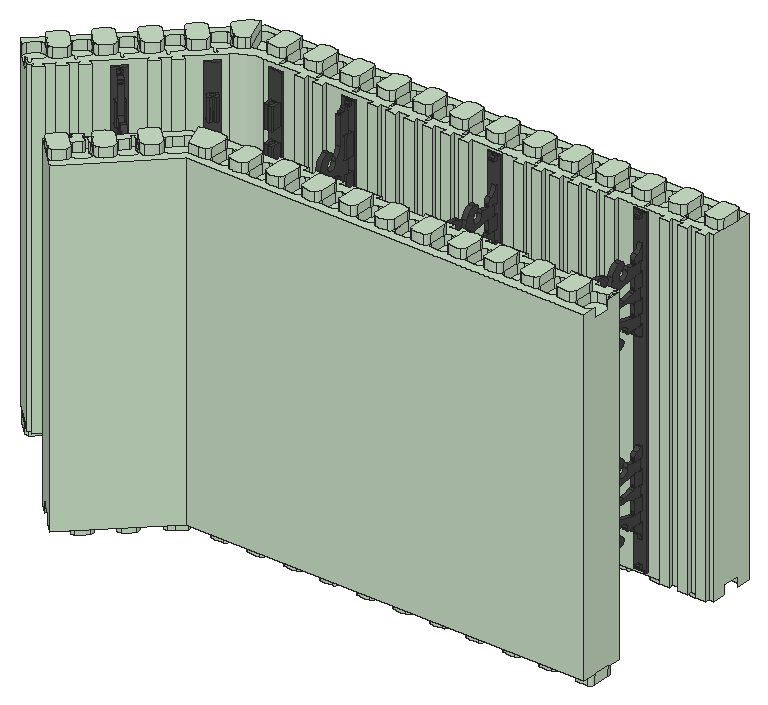
Revit family (continued)
Forms (mm)
  Extrusion 54, void
    sketch origin (721.322, 0.304, 0) x (0.707107, 0.707107, 0) y (-0.707107, 0.707107, 0)
      loop
        line (-39.946, 182.801) -> (-23.401, 199.345)
        arc (-23.401, 199.345) -> (-21.619, 202.847) -> (-22.238, 206.726) r 6.35
        arc (-22.238, 206.726) -> (-27.183, 213.524) -> (-33.981, 218.47) r 26.988
    from 0 to 12.7
  Extrusion 55, void
    sketch origin (670.522, 0.304, 0) x (0.707107, 0.707107, 0) y (-0.707107, 0.707107, 0)
      loop
        arc (-33.981, 218.47) -> (-37.861, 219.088) -> (-41.362, 217.306) r 6.35
        line (-41.362, 217.306) -> (-57.906, 200.761)
        arc (-57.906, 200.761) -> (-59.689, 197.26) -> (-59.07, 193.38) r 6.35
        arc (-59.07, 193.38) -> (-55.492, 188.056) -> (-50.758, 183.727) r 26.988
        arc (-50.758, 183.727) -> (-50.1, 182.566) -> (-50.56, 181.314) r 1.588
        line (-50.56, 181.314) -> (-54.54, 177.334) -> (-51.471, 174.266) -> (-45.255, 180.482)
        arc (-45.255, 180.482) -> (-44.768, 180.814) -> (-44.193, 180.946) r 1.587
        arc (-44.193, 180.946) -> (-41.894, 181.472) -> (-39.946, 182.801) r 6.35
        line (-39.946, 182.801) -> (-23.401, 199.345)
        arc (-23.401, 199.345) -> (-21.619, 202.847) -> (-22.238, 206.726) r 6.35
        arc (-22.238, 206.726) -> (-27.183, 213.524) -> (-33.981, 218.47) r 26.988
    from 0 to 12.7
  Extrusion 56, void
    sketch origin (619.722, 0.304, 0) x (0.707107, 0.707107, 0) y (-0.707107, 0.707107, 0)
      loop
        arc (-33.981, 218.47) -> (-37.861, 219.088) -> (-41.362, 217.306) r 6.35
        line (-41.362, 217.306) -> (-57.906, 200.761)
        arc (-57.906, 200.761) -> (-59.689, 197.26) -> (-59.07, 193.38) r 6.35
        arc (-59.07, 193.38) -> (-55.492, 188.056) -> (-50.758, 183.727) r 26.988
        arc (-50.758, 183.727) -> (-50.1, 182.566) -> (-50.56, 181.314) r 1.588
        line (-50.56, 181.314) -> (-54.54, 177.334) -> (-51.471, 174.266) -> (-45.255, 180.482)
        arc (-45.255, 180.482) -> (-44.768, 180.814) -> (-44.193, 180.946) r 1.587
        arc (-44.193, 180.946) -> (-41.894, 181.472) -> (-39.946, 182.801) r 6.35
        line (-39.946, 182.801) -> (-23.401, 199.345)
        arc (-23.401, 199.345) -> (-21.619, 202.847) -> (-22.238, 206.726) r 6.35
        arc (-22.238, 206.726) -> (-27.183, 213.524) -> (-33.981, 218.47) r 26.988
    from 0 to 12.7
  Extrusion 57, void
    sketch origin (568.922, 0.304, 0) x (0.707107, 0.707107, 0) y (-0.707107, 0.707107, 0)
      loop
        arc (-33.981, 218.47) -> (-37.861, 219.088) -> (-41.362, 217.306) r 6.35
        line (-41.362, 217.306) -> (-57.906, 200.761)
        arc (-57.906, 200.761) -> (-59.689, 197.26) -> (-59.07, 193.38) r 6.35
        arc (-59.07, 193.38) -> (-55.492, 188.056) -> (-50.758, 183.727) r 26.988
        arc (-50.758, 183.727) -> (-50.1, 182.566) -> (-50.56, 181.314) r 1.588
        line (-50.56, 181.314) -> (-54.54, 177.334) -> (-51.471, 174.266) -> (-45.255, 180.482)
        arc (-45.255, 180.482) -> (-44.768, 180.814) -> (-44.193, 180.946) r 1.587
        arc (-44.193, 180.946) -> (-41.894, 181.472) -> (-39.946, 182.801) r 6.35
        line (-39.946, 182.801) -> (-23.401, 199.345)
        arc (-23.401, 199.345) -> (-21.619, 202.847) -> (-22.238, 206.726) r 6.35
        arc (-22.238, 206.726) -> (-27.183, 213.524) -> (-33.981, 218.47) r 26.988
    from 0 to 12.7
  Extrusion 58, void
    sketch origin (518.122, 0.304, 0) x (0.707107, 0.707107, 0) y (-0.707107, 0.707107, 0)
      loop
        arc (-33.981, 218.47) -> (-37.861, 219.088) -> (-41.362, 217.306) r 6.35
        line (-41.362, 217.306) -> (-57.906, 200.761)
        arc (-57.906, 200.761) -> (-59.689, 197.26) -> (-59.07, 193.38) r 6.35
        arc (-59.07, 193.38) -> (-55.492, 188.056) -> (-50.758, 183.727) r 26.988
        arc (-50.758, 183.727) -> (-50.1, 182.566) -> (-50.56, 181.314) r 1.588
        line (-50.56, 181.314) -> (-54.54, 177.334) -> (-51.471, 174.266) -> (-45.255, 180.482)
        arc (-45.255, 180.482) -> (-44.768, 180.814) -> (-44.193, 180.946) r 1.587
        arc (-44.193, 180.946) -> (-41.894, 181.472) -> (-39.946, 182.801) r 6.35
        line (-39.946, 182.801) -> (-23.401, 199.345)
        arc (-23.401, 199.345) -> (-21.619, 202.847) -> (-22.238, 206.726) r 6.35
        arc (-22.238, 206.726) -> (-27.183, 213.524) -> (-33.981, 218.47) r 26.988
    from 0 to 12.7
  Extrusion 59, void
    sketch origin (467.322, 0.304, 0) x (0.707107, 0.707107, 0) y (-0.707107, 0.707107, 0)
      loop
        arc (-33.981, 218.47) -> (-37.861, 219.088) -> (-41.362, 217.306) r 6.35
        line (-41.362, 217.306) -> (-57.906, 200.761)
        arc (-57.906, 200.761) -> (-59.689, 197.26) -> (-59.07, 193.38) r 6.35
        arc (-59.07, 193.38) -> (-55.492, 188.056) -> (-50.758, 183.727) r 26.988
        arc (-50.758, 183.727) -> (-50.1, 182.566) -> (-50.56, 181.314) r 1.588
        line (-50.56, 181.314) -> (-54.54, 177.334) -> (-51.471, 174.266) -> (-45.255, 180.482)
        arc (-45.255, 180.482) -> (-44.768, 180.814) -> (-44.193, 180.946) r 1.587
        arc (-44.193, 180.946) -> (-41.894, 181.472) -> (-39.946, 182.801) r 6.35
        line (-39.946, 182.801) -> (-23.401, 199.345)
        arc (-23.401, 199.345) -> (-21.619, 202.847) -> (-22.238, 206.726) r 6.35
        arc (-22.238, 206.726) -> (-27.183, 213.524) -> (-33.981, 218.47) r 26.988
    from 0 to 12.7
  Extrusion 60, void
    sketch origin (416.522, 0.304, 0) x (0.707107, 0.707107, 0) y (-0.707107, 0.707107, 0)
      loop
        arc (-33.981, 218.47) -> (-37.861, 219.088) -> (-41.362, 217.306) r 6.35
        line (-41.362, 217.306) -> (-57.906, 200.761)
        arc (-57.906, 200.761) -> (-59.689, 197.26) -> (-59.07, 193.38) r 6.35
        arc (-59.07, 193.38) -> (-55.492, 188.056) -> (-50.758, 183.727) r 26.988
        arc (-50.758, 183.727) -> (-50.1, 182.566) -> (-50.56, 181.314) r 1.588
        line (-50.56, 181.314) -> (-54.54, 177.334) -> (-51.471, 174.266) -> (-45.255, 180.482)
        arc (-45.255, 180.482) -> (-44.768, 180.814) -> (-44.193, 180.946) r 1.587
        arc (-44.193, 180.946) -> (-41.894, 181.472) -> (-39.946, 182.801) r 6.35
        line (-39.946, 182.801) -> (-23.401, 199.345)
        arc (-23.401, 199.345) -> (-21.619, 202.847) -> (-22.238, 206.726) r 6.35
        arc (-22.238, 206.726) -> (-27.183, 213.524) -> (-33.981, 218.47) r 26.988
    from 0 to 12.7
  Extrusion 61, void
    sketch origin (365.722, 0.304, 0) x (0.707107, 0.707107, 0) y (-0.707107, 0.707107, 0)
      loop
        arc (-33.981, 218.47) -> (-37.861, 219.088) -> (-41.362, 217.306) r 6.35
        line (-41.362, 217.306) -> (-57.906, 200.761)
        arc (-57.906, 200.761) -> (-59.689, 197.26) -> (-59.07, 193.38) r 6.35
        arc (-59.07, 193.38) -> (-55.492, 188.056) -> (-50.758, 183.727) r 26.988
        arc (-50.758, 183.727) -> (-50.1, 182.566) -> (-50.56, 181.314) r 1.588
        line (-50.56, 181.314) -> (-54.54, 177.334) -> (-51.471, 174.266) -> (-45.255, 180.482)
        arc (-45.255, 180.482) -> (-44.768, 180.814) -> (-44.193, 180.946) r 1.587
        arc (-44.193, 180.946) -> (-41.894, 181.472) -> (-39.946, 182.801) r 6.35
        line (-39.946, 182.801) -> (-23.401, 199.345)
        arc (-23.401, 199.345) -> (-21.619, 202.847) -> (-22.238, 206.726) r 6.35
        arc (-22.238, 206.726) -> (-27.183, 213.524) -> (-33.981, 218.47) r 26.988
    from 0 to 12.7
  Extrusion 62, void
    sketch origin (314.922, 0.304, 0) x (0.707107, 0.707107, 0) y (-0.707107, 0.707107, 0)
      loop
        arc (-33.981, 218.47) -> (-37.861, 219.088) -> (-41.362, 217.306) r 6.35
        line (-41.362, 217.306) -> (-57.906, 200.761)
        arc (-57.906, 200.761) -> (-59.689, 197.26) -> (-59.07, 193.38) r 6.35
        arc (-59.07, 193.38) -> (-55.492, 188.056) -> (-50.758, 183.727) r 26.988
        arc (-50.758, 183.727) -> (-50.1, 182.566) -> (-50.56, 181.314) r 1.588
        line (-50.56, 181.314) -> (-54.54, 177.334) -> (-51.471, 174.266) -> (-45.255, 180.482)
        arc (-45.255, 180.482) -> (-44.768, 180.814) -> (-44.193, 180.946) r 1.587
        arc (-44.193, 180.946) -> (-41.894, 181.472) -> (-39.946, 182.801) r 6.35
        line (-39.946, 182.801) -> (-23.401, 199.345)
        arc (-23.401, 199.345) -> (-21.619, 202.847) -> (-22.238, 206.726) r 6.35
        arc (-22.238, 206.726) -> (-27.183, 213.524) -> (-33.981, 218.47) r 26.988
    from 0 to 12.7
  Extrusion 63, void
    sketch origin (264.122, 0.304, 0) x (0.707107, 0.707107, 0) y (-0.707107, 0.707107, 0)
      loop
        arc (-33.981, 218.47) -> (-37.861, 219.088) -> (-41.362, 217.306) r 6.35
        line (-41.362, 217.306) -> (-57.906, 200.761)
        arc (-57.906, 200.761) -> (-59.689, 197.26) -> (-59.07, 193.38) r 6.35
        arc (-59.07, 193.38) -> (-55.492, 188.056) -> (-50.758, 183.727) r 26.988
        arc (-50.758, 183.727) -> (-50.1, 182.566) -> (-50.56, 181.314) r 1.588
        line (-50.56, 181.314) -> (-54.54, 177.334) -> (-51.471, 174.266) -> (-45.255, 180.482)
        arc (-45.255, 180.482) -> (-44.768, 180.814) -> (-44.193, 180.946) r 1.587
        arc (-44.193, 180.946) -> (-41.894, 181.472) -> (-39.946, 182.801) r 6.35
        line (-39.946, 182.801) -> (-23.401, 199.345)
        arc (-23.401, 199.345) -> (-21.619, 202.847) -> (-22.238, 206.726) r 6.35
        arc (-22.238, 206.726) -> (-27.183, 213.524) -> (-33.981, 218.47) r 26.988
    from 0 to 12.7
  Extrusion 64, void
    sketch origin (213.322, 0.304, 0) x (0.707107, 0.707107, 0) y (-0.707107, 0.707107, 0)
      loop
        arc (-33.981, 218.47) -> (-37.861, 219.088) -> (-41.362, 217.306) r 6.35
        line (-41.362, 217.306) -> (-57.906, 200.761)
        arc (-57.906, 200.761) -> (-59.689, 197.26) -> (-59.07, 193.38) r 6.35
        arc (-59.07, 193.38) -> (-55.492, 188.056) -> (-50.758, 183.727) r 26.988
        arc (-50.758, 183.727) -> (-50.1, 182.566) -> (-50.56, 181.314) r 1.588
        line (-50.56, 181.314) -> (-54.54, 177.334) -> (-51.471, 174.266) -> (-45.255, 180.482)
        arc (-45.255, 180.482) -> (-44.768, 180.814) -> (-44.193, 180.946) r 1.587
        arc (-44.193, 180.946) -> (-41.894, 181.472) -> (-39.946, 182.801) r 6.35
        line (-39.946, 182.801) -> (-23.401, 199.345)
        arc (-23.401, 199.345) -> (-21.619, 202.847) -> (-22.238, 206.726) r 6.35
        arc (-22.238, 206.726) -> (-27.183, 213.524) -> (-33.981, 218.47) r 26.988
    from 0 to 12.7
  Extrusion 65, void
    sketch origin (162.522, 0.304, 0) x (0.707107, 0.707107, 0) y (-0.707107, 0.707107, 0)
      loop
        arc (-33.981, 218.47) -> (-37.861, 219.088) -> (-41.362, 217.306) r 6.35
        line (-41.362, 217.306) -> (-57.906, 200.761)
        arc (-57.906, 200.761) -> (-59.689, 197.26) -> (-59.07, 193.38) r 6.35
        arc (-59.07, 193.38) -> (-55.492, 188.056) -> (-50.758, 183.727) r 26.988
        arc (-50.758, 183.727) -> (-50.1, 182.566) -> (-50.56, 181.314) r 1.588
        line (-50.56, 181.314) -> (-54.54, 177.334) -> (-51.471, 174.266) -> (-45.255, 180.482)
        arc (-45.255, 180.482) -> (-44.768, 180.814) -> (-44.193, 180.946) r 1.587
        arc (-44.193, 180.946) -> (-41.894, 181.472) -> (-39.946, 182.801) r 6.35
        line (-39.946, 182.801) -> (-23.401, 199.345)
        arc (-23.401, 199.345) -> (-21.619, 202.847) -> (-22.238, 206.726) r 6.35
        arc (-22.238, 206.726) -> (-27.183, 213.524) -> (-33.981, 218.47) r 26.988
    from 0 to 12.7
  Extrusion 66, void
    sketch origin (107.673, 108.067, 0) x (0, 1, 0) y (-1, 0, 0)
      loop
        arc (-33.981, 218.47) -> (-37.861, 219.088) -> (-41.362, 217.306) r 6.35
        line (-41.362, 217.306) -> (-57.906, 200.761)
        arc (-57.906, 200.761) -> (-59.689, 197.26) -> (-59.07, 193.38) r 6.35
        arc (-59.07, 193.38) -> (-55.492, 188.056) -> (-50.758, 183.727) r 26.988
        arc (-50.758, 183.727) -> (-50.1, 182.566) -> (-50.56, 181.314) r 1.588
        line (-50.56, 181.314) -> (-54.54, 177.334) -> (-51.471, 174.266) -> (-45.255, 180.482)
        arc (-45.255, 180.482) -> (-44.768, 180.814) -> (-44.193, 180.946) r 1.587
        arc (-44.193, 180.946) -> (-41.894, 181.472) -> (-39.946, 182.801) r 6.35
        line (-39.946, 182.801) -> (-23.401, 199.345)
        arc (-23.401, 199.345) -> (-21.619, 202.847) -> (-22.238, 206.726) r 6.35
        arc (-22.238, 206.726) -> (-27.183, 213.524) -> (-33.981, 218.47) r 26.988
    from 0 to 12.7
  Extrusion 67, void
    sketch origin (71.752, 72.146, 0) x (0, 1, 0) y (-1, 0, 0)
      loop
        arc (-33.981, 218.47) -> (-37.861, 219.088) -> (-41.362, 217.306) r 6.35
        line (-41.362, 217.306) -> (-57.906, 200.761)
        arc (-57.906, 200.761) -> (-59.689, 197.26) -> (-59.07, 193.38) r 6.35
        arc (-59.07, 193.38) -> (-55.492, 188.056) -> (-50.758, 183.727) r 26.988
        arc (-50.758, 183.727) -> (-50.1, 182.566) -> (-50.56, 181.314) r 1.588
        line (-50.56, 181.314) -> (-54.54, 177.334) -> (-51.471, 174.266) -> (-45.255, 180.482)
        arc (-45.255, 180.482) -> (-44.768, 180.814) -> (-44.193, 180.946) r 1.587
        arc (-44.193, 180.946) -> (-41.894, 181.472) -> (-39.946, 182.801) r 6.35
        line (-39.946, 182.801) -> (-23.401, 199.345)
        arc (-23.401, 199.345) -> (-21.619, 202.847) -> (-22.238, 206.726) r 6.35
        arc (-22.238, 206.726) -> (-27.183, 213.524) -> (-33.981, 218.47) r 26.988
    from 0 to 12.7
  Extrusion 68, void
    sketch origin (35.831, 36.225, 0) x (0, 1, 0) y (-1, 0, 0)
      loop
        arc (-33.981, 218.47) -> (-37.861, 219.088) -> (-41.362, 217.306) r 6.35
        line (-41.362, 217.306) -> (-57.906, 200.761)
        arc (-57.906, 200.761) -> (-59.689, 197.26) -> (-59.07, 193.38) r 6.35
        arc (-59.07, 193.38) -> (-55.492, 188.056) -> (-50.758, 183.727) r 26.988
        arc (-50.758, 183.727) -> (-50.1, 182.566) -> (-50.56, 181.314) r 1.588
        line (-50.56, 181.314) -> (-54.54, 177.334) -> (-51.471, 174.266) -> (-45.255, 180.482)
        arc (-45.255, 180.482) -> (-44.768, 180.814) -> (-44.193, 180.946) r 1.587
        arc (-44.193, 180.946) -> (-41.894, 181.472) -> (-39.946, 182.801) r 6.35
        line (-39.946, 182.801) -> (-23.401, 199.345)
        arc (-23.401, 199.345) -> (-21.619, 202.847) -> (-22.238, 206.726) r 6.35
        arc (-22.238, 206.726) -> (-27.183, 213.524) -> (-33.981, 218.47) r 26.988
    from 0 to 12.7
  Extrusion 69, void
    sketch origin (-0.09, 0.304, 0) x (0, 1, 0) y (-1, 0, 0)
      loop
        arc (-33.981, 218.47) -> (-37.861, 219.088) -> (-41.362, 217.306) r 6.35
        line (-41.362, 217.306) -> (-57.906, 200.761)
        arc (-57.906, 200.761) -> (-59.689, 197.26) -> (-59.07, 193.38) r 6.35
        arc (-59.07, 193.38) -> (-55.492, 188.056) -> (-50.758, 183.727) r 26.988
        arc (-50.758, 183.727) -> (-50.1, 182.566) -> (-50.56, 181.314) r 1.588
        line (-50.56, 181.314) -> (-54.54, 177.334) -> (-51.471, 174.266) -> (-45.255, 180.482)
        arc (-45.255, 180.482) -> (-44.768, 180.814) -> (-44.193, 180.946) r 1.587
        arc (-44.193, 180.946) -> (-41.894, 181.472) -> (-39.946, 182.801) r 6.35
        line (-39.946, 182.801) -> (-23.401, 199.345)
        arc (-23.401, 199.345) -> (-21.619, 202.847) -> (-22.238, 206.726) r 6.35
        arc (-22.238, 206.726) -> (-27.183, 213.524) -> (-33.981, 218.47) r 26.988
    from 0 to 12.7
Cuts and joins
  Extrusion 6, Extrusion 7, Extrusion 8, Extrusion 9, Extrusion 10, Extrusion 11, Extrusion 12, Extrusion 13, Extrusion 14, Extrusion 15, Extrusion 16, Extrusion 17, Extrusion 18, Extrusion 19, Extrusion 20, Extrusion 21, Extrusion 22, Extrusion 23, Extrusion 24, Extrusion 25, Extrusion 26, Extrusion 27, Extrusion 28, Extrusion 29, Extrusion 30, Extrusion 31, Extrusion 32, Extrusion 33, Extrusion 34, Extrusion 35, Extrusion 36, Extrusion 37, Extrusion 38, Extrusion 39, Extrusion 40, Extrusion 41, Extrusion 42, Extrusion 43, Extrusion 44, Extrusion 45, Extrusion 46, Extrusion 47, Extrusion 48, Extrusion 49, Extrusion 50, Extrusion 51, Extrusion 52, Extrusion 53, Extrusion 54, Extrusion 55, Extrusion 56, Extrusion 57, Extrusion 58, Extrusion 59, Extrusion 60, Extrusion 61, Extrusion 62, Extrusion 63, Extrusion 64, Extrusion 65, Extrusion 66, Extrusion 67, Extrusion 68, Extrusion 69 cuts Extrusion 1
  Extrusion 8 cuts Extrusion 2
  Extrusion 35 cuts Extrusion 3
  Extrusion 38 cuts Extrusion 5
  Extrusion 39 cuts Extrusion 4
Lines and regions (mm)
  model lines
    curve 1: line (208.373, 143.179, 0) -> (208.373, 143.179, 457.2)
Dimensions and locks
  aligned and locked: level to plane 2
  aligned and locked: Extrusion 1 to level
  aligned and locked: level to Extrusion 1  (x2)
  aligned and locked: nested 75 to nested 71
Nested families
  nested 1: "Interlock Tooth" at (563.816, 0.304, 0), type "Interlock Tooth"
  nested 2: "Interlock Tooth" at (513.016, 0.304, 0), type "Interlock Tooth"
  nested 3: "Interlock Tooth" at (462.216, 0.304, 0), type "Interlock Tooth"
  nested 4: "Interlock Tooth" at (411.416, 0.304, 0), type "Interlock Tooth"
  nested 5: "Interlock Tooth" at (360.616, 0.304, 0), type "Interlock Tooth"
  nested 6: "Interlock Tooth" at (309.816, 0.304, 0), type "Interlock Tooth"
  nested 7: "Interlock Tooth" at (259.016, 0.304, 0), type "Interlock Tooth"
  nested 8: "Interlock Tooth" at (208.216, 0.304, 0), type "Interlock Tooth"
  nested 9: "Interlock Tooth" at (157.416, 0.304, 0), type "Interlock Tooth"
  nested 10: "Interlock Tooth" at (106.616, 0.304, 0), type "Interlock Tooth"
  nested 11: "Interlock Tooth" at (-75.542, -75.149, 0) x (0.7071, 0.7071, 0) z (0, 0, 1), type "Interlock Tooth"
  nested 12: "Interlock Tooth" at (-111.463, -111.07, 0) x (0.7071, 0.7071, 0) z (0, 0, 1), type "Interlock Tooth"
  nested 13: "Interlock Tooth" at (-147.384, -146.991, 0) x (0.7071, 0.7071, 0) z (0, 0, 1), type "Interlock Tooth"
  nested 14: "Interlock Tooth" at (589.216, 0.304, 0), type "Interlock Tooth"
  nested 15: "Interlock Tooth" at (538.416, 0.304, 0), type "Interlock Tooth"
  nested 16: "Interlock Tooth" at (487.616, 0.304, 0), type "Interlock Tooth"
  nested 17: "Interlock Tooth" at (436.816, 0.304, 0), type "Interlock Tooth"
  nested 18: "Interlock Tooth" at (386.016, 0.304, 0), type "Interlock Tooth"
  nested 19: "Interlock Tooth" at (335.216, 0.304, 0), type "Interlock Tooth"
  nested 20: "Interlock Tooth" at (284.416, 0.304, 0), type "Interlock Tooth"
  nested 21: "Interlock Tooth" at (233.616, 0.304, 0), type "Interlock Tooth"
  nested 22: "Interlock Tooth" at (182.816, 0.304, 0), type "Interlock Tooth"
  nested 23: "Interlock Tooth" at (132.016, 0.304, 0), type "Interlock Tooth"
  nested 24: "Interlock Tooth" at (81.216, 0.304, 0), type "Interlock Tooth"
  nested 25: "Interlock Tooth" at (30.416, 0.304, 0), type "Interlock Tooth"
  nested 26: "Interlock Tooth" at (-20.384, 0.304, 0), type "Interlock Tooth"
  nested 27: "Interlock Tooth" at (-21.66, -21.267, 0) x (0.7071, 0.7071, 0) z (0, 0, 1), type "Interlock Tooth"
  nested 28: "Interlock Tooth" at (-57.581, -57.188, 0) x (0.7071, 0.7071, 0) z (0, 0, 1), type "Interlock Tooth"
  nested 29: "Interlock Tooth" at (-93.502, -93.109, 0) x (0.7071, 0.7071, 0) z (0, 0, 1), type "Interlock Tooth"
  nested 30: "Interlock Tooth" at (-129.423, -129.03, 0) x (0.7071, 0.7071, 0) z (0, 0, 1), type "Interlock Tooth"
  nested 31: "Interlock Tooth" at (-129.423, -129.03, -469.9) x (0.7071, 0.7071, 0) z (0, 0, 1), type "Interlock Tooth"
  nested 32: "Interlock Tooth" at (-93.502, -93.109, -469.9) x (0.7071, 0.7071, 0) z (0, 0, 1), type "Interlock Tooth"
  nested 33: "Interlock Tooth" at (-306.783, 12.409, -469.9) x (0.7071, 0.7071, 0) z (0, 0, 1), type "Interlock Tooth"
  nested 34: "Interlock Tooth" at (-270.862, 48.33, -469.9) x (0.7071, 0.7071, 0) z (0, 0, 1), type "Interlock Tooth"
  nested 35: "Interlock Tooth" at (-234.941, 84.251, -469.9) x (0.7071, 0.7071, 0) z (0, 0, 1), type "Interlock Tooth"
  nested 36: "Interlock Tooth" at (-199.02, 120.172, -469.9) x (0.7071, 0.7071, 0) z (0, 0, 1), type "Interlock Tooth"
  nested 37: "Interlock Tooth" at (-163.099, 156.093, -469.9) x (0.7071, 0.7071, 0) z (0, 0, 1), type "Interlock Tooth"
  nested 38: "Interlock Tooth" at (30.416, 0.304, -469.9) x (-1, 0, 0) z (0, 0, 1), type "Interlock Tooth"
  nested 39: "Interlock Tooth" at (81.216, 0.304, -469.9) x (-1, 0, 0) z (0, 0, 1), type "Interlock Tooth"
  nested 40: "Interlock Tooth" at (132.016, 0.304, -469.9) x (-1, 0, 0) z (0, 0, 1), type "Interlock Tooth"
  nested 41: "Interlock Tooth" at (182.816, 0.304, -469.9) x (-1, 0, 0) z (0, 0, 1), type "Interlock Tooth"
  nested 42: "Interlock Tooth" at (233.616, 0.304, -469.9) x (-1, 0, 0) z (0, 0, 1), type "Interlock Tooth"
  nested 43: "Interlock Tooth" at (284.416, 0.304, -469.9) x (-1, 0, 0) z (0, 0, 1), type "Interlock Tooth"
  nested 44: "Interlock Tooth" at (335.216, 0.304, -469.9) x (-1, 0, 0) z (0, 0, 1), type "Interlock Tooth"
  nested 45: "Interlock Tooth" at (386.016, 0.304, -469.9) x (-1, 0, 0) z (0, 0, 1), type "Interlock Tooth"
  nested 46: "Interlock Tooth" at (436.816, 0.304, -469.9) x (-1, 0, 0) z (0, 0, 1), type "Interlock Tooth"
  nested 47: "Interlock Tooth" at (487.616, 0.304, -469.9) x (-1, 0, 0) z (0, 0, 1), type "Interlock Tooth"
  nested 48: "Interlock Tooth" at (538.416, 0.304, -469.9) x (-1, 0, 0) z (0, 0, 1), type "Interlock Tooth"
  nested 49: "Interlock Tooth" at (589.216, 0.304, -469.9) x (-1, 0, 0) z (0, 0, 1), type "Interlock Tooth"
  nested 50: "Interlock Tooth" at (614.616, 0.304, -469.9) x (-1, 0, 0) z (0, 0, 1), type "Interlock Tooth"
  nested 51: "Interlock Tooth" at (563.816, 0.304, -469.9) x (-1, 0, 0) z (0, 0, 1), type "Interlock Tooth"
  nested 52: "Interlock Tooth" at (513.016, 0.304, -469.9) x (-1, 0, 0) z (0, 0, 1), type "Interlock Tooth"
  nested 53: "Interlock Tooth" at (462.216, 0.304, -469.9) x (-1, 0, 0) z (0, 0, 1), type "Interlock Tooth"
  nested 54: "Interlock Tooth" at (411.416, 0.304, -469.9) x (-1, 0, 0) z (0, 0, 1), type "Interlock Tooth"
  nested 55: "Interlock Tooth" at (360.616, 0.304, -469.9) x (-1, 0, 0) z (0, 0, 1), type "Interlock Tooth"
  nested 56: "Interlock Tooth" at (309.816, 0.304, -469.9) x (-1, 0, 0) z (0, 0, 1), type "Interlock Tooth"
  nested 57: "Interlock Tooth" at (259.016, 0.304, -469.9) x (-1, 0, 0) z (0, 0, 1), type "Interlock Tooth"
  nested 58: "Interlock Tooth" at (208.216, 0.304, -469.9) x (-1, 0, 0) z (0, 0, 1), type "Interlock Tooth"
  nested 59: "Interlock Tooth" at (157.416, 0.304, -469.9) x (-1, 0, 0) z (0, 0, 1), type "Interlock Tooth"
  nested 60: "Interlock Tooth" at (106.616, 0.304, -469.9) x (-1, 0, 0) z (0, 0, 1), type "Interlock Tooth"
  nested 61: "6-inch Web" at (513.016, 0.431, 0), type "6-inch Web"
  nested 62: "6-inch Web" at (309.816, 0.431, 0), type "6-inch Web"
  nested 63: "Capture Lugs" at (5.016, 0.304, 0) x (-1, 0, 0) z (0, 0, 1), type "Capture Lugs"
  nested 64: "Capture Lugs" at (-3.856, -3.462, 0) x (-0.7071, -0.7071, 0) z (0, 0, 1), type "Capture Lugs"
  nested 65: "6 inch Insert Web" at (106.616, 0.304, 0), type "6 inch Insert Web"
  nested 66: "6 inch Insert Web" at (-75.542, -75.149, 0) x (0.7071, 0.7071, 0) z (0, 0, 1), type "6 inch Insert Web"
  nested 67: "NUDURA Diamond Pattern" at (411.573, 0.304, 0), type "NUDURA Diamond Pattern"
  nested 68: "NUDURA Diamond Pattern" at (5.173, 0.304, 0), type "NUDURA Diamond Pattern"
  nested 69: "NUDURA Diamond Pattern" at (411.573, 0.304, 0), type "NUDURA Diamond Pattern"
  nested 70: "NUDURA Diamond Pattern" at (208.373, 0.304, 0), type "NUDURA Diamond Pattern"
  nested 71: "NUDURA Logo Diamond" at (38.91, 241.359, 0) x (-0.7071, -0.7071, 0) z (0, 0, 1), type "NUDURA Logo Diamond"
  nested 72: "NUDURA Logo Diamond" at (5.238, -142.571, 0), type "NUDURA Logo Diamond"
  nested 73: "NUDURA Logo Diamond Missing Outside Line" at (411.507, 143.179, 0) x (-1, 0, 0) z (0, 0, 1), type "NUDURA Logo Diamond without Outside Line"
  nested 74: "NUDURA Diamond Pattern Missing Two Lines" at (-96.427, 286.054, 0), type "NUDURA Diamond Pattern minus Two lines"
  nested 75: "NUDURA Diamond Pattern Missing Two Lines" at (68.142, 68.535, 0) x (-0.7071, -0.7071, 0) z (0, 0, 1), type "NUDURA Diamond Pattern minus Two lines"
  nested 76: "NUDURA Diamond Pattern Missing Two Lines" at (-147.384, -146.991, 0) x (0.7071, 0.7071, 0) z (0, 0, 1), type "NUDURA Diamond Pattern minus Two lines"
Definition of nested family "Interlock Tooth"
  Reference planes
    plane 1 "Center (Front/Back)": y = 0
    plane 2: z = 0
    plane 3 "Center (Left/Right)": x = 0
    plane 4: z = 457.2
    plane 5: z = 469.9
    plane 6: z = -12.7
  Forms (mm)
    Extrusion 1, solid, material "EPS- NUDURA- Foam Panel"
      sketch origin (0, -225.425, 0) x (1, 0, 0) y (0, 1, 0)
        loop
          arc (0, 101.014) -> (1.215, 97.278) -> (4.396, 94.972) r 6.35
          arc (4.396, 94.972) -> (12.7, 93.663) -> (21.004, 94.972) r 26.988
          arc (21.004, 94.972) -> (24.185, 97.278) -> (25.4, 101.014) r 6.35
          line (25.4, 101.014) -> (25.4, 124.411)
          arc (25.4, 124.411) -> (24.185, 128.147) -> (21.004, 130.453) r 6.35
          arc (21.004, 130.453) -> (12.7, 131.763) -> (4.396, 130.453) r 26.987
          arc (4.396, 130.453) -> (1.215, 128.147) -> (0, 124.411) r 6.35
          line (0, 124.411) -> (0, 101.014)
      from 457.2 to 469.9
  Dimensions and locks
    locked: plane 4 to level at 457.2
    locked: plane 4 to plane 5 at 12.7
    locked: plane 6 to level at 12.7
Definition of nested family "6-inch Web"
  Reference planes
    plane 1 "Center (Front/Back)": y = 0
    plane 2: z = 0
    plane 3 "Center (Left/Right)": x = 0
  Forms (mm)
    Extrusion 1, solid, material "Polypropylene- NUDURA"
      sketch origin (0, 0, -12.7) x (0, 1, 0) y (0, 0, 1)
        loop
          line (76.073, 91.536) -> (73.264, 91.536) -> (73.264, 93.314) -> (79.438, 93.314)
          arc (79.438, 93.314) -> (80.561, 92.849) -> (81.026, 91.727) r 1.587
          line (81.026, 91.727) -> (81.026, 111.666)
          arc (81.026, 111.666) -> (80.561, 110.543) -> (79.438, 110.078) r 1.587
          line (79.438, 110.078) -> (73.264, 110.078) -> (73.264, 111.856) -> (76.073, 111.856) -> (76.073, 124.556) -> (73.264, 124.556) -> (73.264, 126.334) -> (79.438, 126.334)
          arc (79.438, 126.334) -> (80.561, 125.869) -> (81.026, 124.747) r 1.587
          line (81.026, 124.747) -> (81.026, 144.686)
          arc (81.026, 144.686) -> (80.561, 143.563) -> (79.438, 143.098) r 1.587
          line (79.438, 143.098) -> (73.264, 143.098) -> (73.264, 144.876) -> (76.073, 144.876) -> (76.073, 157.576) -> (73.264, 157.576) -> (73.264, 159.354) -> (79.438, 159.354)
          arc (79.438, 159.354) -> (80.561, 158.889) -> (81.026, 157.767) r 1.588
          line (81.026, 157.767) -> (81.026, 172.997) -> (78.486, 172.997)
          arc (78.486, 172.997) -> (75.845, 170.382) -> (72.559, 168.643) r 12.7
          arc (72.559, 168.643) -> (69.491, 166.323) -> (68.326, 162.656) r 6.35
          line (68.326, 162.656) -> (68.326, 160.942)
          arc (68.326, 160.942) -> (68.791, 159.819) -> (69.913, 159.354) r 1.588
          line (69.913, 159.354) -> (71.367, 159.354) -> (71.367, 157.576) -> (68.453, 157.576)
          arc (68.453, 157.576) -> (63.342, 157.805) -> (58.381, 159.053) r 25.4
          arc (58.381, 159.053) -> (56.106, 158.583) -> (55.418, 156.364) r 2.286
          arc (55.418, 156.364) -> (44.309, 147.703) -> (45.002, 161.771) r 7.747
          arc (45.002, 161.771) -> (48.114, 169.035) -> (40.85, 172.148) r 5.588
          arc (40.85, 172.148) -> (33.539, 166.926) -> (29.461, 158.921) r 18.923
          arc (29.461, 158.921) -> (27.769, 151.01) -> (25.249, 143.323) r 76.2
          arc (25.249, 143.323) -> (12.33, 141.646) -> (16.15, 154.1) r 7.747
          arc (16.15, 154.1) -> (20.591, 159.798) -> (16.474, 165.735) r 6.096
          arc (16.474, 165.735) -> (8.351, 167.789) -> (0, 168.48) r 50.8
          arc (0, 168.48) -> (-8.351, 167.789) -> (-16.474, 165.735) r 50.8
          arc (-16.474, 165.735) -> (-20.591, 159.798) -> (-16.15, 154.1) r 6.096
          arc (-16.15, 154.1) -> (-12.33, 141.646) -> (-25.249, 143.323) r 7.747
          arc (-25.249, 143.323) -> (-27.769, 151.01) -> (-29.461, 158.921) r 76.2
          arc (-29.461, 158.921) -> (-33.539, 166.926) -> (-40.85, 172.148) r 18.923
          arc (-40.85, 172.148) -> (-48.114, 169.035) -> (-45.002, 161.771) r 5.588
          arc (-45.002, 161.771) -> (-44.309, 147.703) -> (-55.418, 156.364) r 7.747
          arc (-55.418, 156.364) -> (-56.106, 158.583) -> (-58.381, 159.053) r 2.286
          arc (-58.381, 159.053) -> (-63.342, 157.805) -> (-68.453, 157.576) r 25.4
          line (-68.453, 157.576) -> (-71.367, 157.576) -> (-71.367, 159.354) -> (-69.913, 159.354)
          arc (-69.913, 159.354) -> (-68.791, 159.819) -> (-68.326, 160.942) r 1.588
          line (-68.326, 160.942) -> (-68.326, 162.656)
          arc (-68.326, 162.656) -> (-69.491, 166.323) -> (-72.559, 168.643) r 6.35
          arc (-72.559, 168.643) -> (-75.845, 170.382) -> (-78.486, 172.997) r 12.7
          line (-78.486, 172.997) -> (-81.026, 172.997) -> (-81.026, 157.767)
          arc (-81.026, 157.767) -> (-80.561, 158.889) -> (-79.438, 159.354) r 1.588
          line (-79.438, 159.354) -> (-73.264, 159.354) -> (-73.264, 157.576) -> (-76.073, 157.576) -> (-76.073, 144.876) -> (-73.264, 144.876) -> (-73.264, 143.098) -> (-79.438, 143.098)
          arc (-79.438, 143.098) -> (-80.561, 143.563) -> (-81.026, 144.686) r 1.587
          line (-81.026, 144.686) -> (-81.026, 124.747)
          arc (-81.026, 124.747) -> (-80.561, 125.869) -> (-79.438, 126.334) r 1.587
          line (-79.438, 126.334) -> (-73.264, 126.334) -> (-73.264, 124.556) -> (-76.073, 124.556) -> (-76.073, 111.856) -> (-73.264, 111.856) -> (-73.264, 110.078) -> (-79.438, 110.078)
          arc (-79.438, 110.078) -> (-80.561, 110.543) -> (-81.026, 111.666) r 1.587
          line (-81.026, 111.666) -> (-81.026, 91.727)
          arc (-81.026, 91.727) -> (-80.561, 92.849) -> (-79.438, 93.314) r 1.587
          line (-79.438, 93.314) -> (-73.264, 93.314) -> (-73.264, 91.536) -> (-76.073, 91.536) -> (-76.073, 78.837) -> (-73.264, 78.837) -> (-73.264, 77.058) -> (-79.438, 77.058)
          arc (-79.438, 77.058) -> (-80.561, 77.523) -> (-81.026, 78.646) r 1.587
          line (-81.026, 78.646) -> (-81.026, 55.796)
          arc (-81.026, 55.796) -> (-78.695, 63.128) -> (-72.559, 67.77) r 12.7
          arc (-72.559, 67.77) -> (-69.491, 70.09) -> (-68.326, 73.756) r 6.35
          line (-68.326, 73.756) -> (-68.326, 75.471)
          arc (-68.326, 75.471) -> (-68.791, 76.593) -> (-69.913, 77.058) r 1.588
          line (-69.913, 77.058) -> (-71.367, 77.058) -> (-71.367, 78.837) -> (-68.453, 78.837)
          arc (-68.453, 78.837) -> (-63.342, 78.608) -> (-58.381, 77.359) r 25.4
          arc (-58.381, 77.359) -> (-56.106, 77.83) -> (-55.418, 80.049) r 2.286
          arc (-55.418, 80.049) -> (-44.309, 88.71) -> (-45.002, 74.641) r 7.747
          arc (-45.002, 74.641) -> (-48.114, 67.378) -> (-40.85, 64.265) r 5.588
          arc (-40.85, 64.265) -> (-33.539, 69.487) -> (-29.461, 77.492) r 18.923
          arc (-29.461, 77.492) -> (-27.769, 85.403) -> (-25.249, 93.09) r 76.2
          arc (-25.249, 93.09) -> (-12.33, 94.767) -> (-16.15, 82.312) r 7.747
          arc (-16.15, 82.312) -> (-20.591, 76.615) -> (-16.474, 70.678) r 6.096
          arc (-16.474, 70.678) -> (-8.351, 68.624) -> (0, 67.933) r 50.8
          arc (0, 67.933) -> (8.351, 68.624) -> (16.474, 70.678) r 50.8
          arc (16.474, 70.678) -> (20.591, 76.615) -> (16.15, 82.312) r 6.096
          arc (16.15, 82.312) -> (12.33, 94.767) -> (25.249, 93.09) r 7.747
          arc (25.249, 93.09) -> (27.769, 85.403) -> (29.461, 77.492) r 76.2
          arc (29.461, 77.492) -> (33.539, 69.487) -> (40.85, 64.265) r 18.923
          arc (40.85, 64.265) -> (48.114, 67.378) -> (45.002, 74.641) r 5.588
          arc (45.002, 74.641) -> (44.309, 88.71) -> (55.418, 80.049) r 7.747
          arc (55.418, 80.049) -> (56.106, 77.83) -> (58.381, 77.359) r 2.286
          arc (58.381, 77.359) -> (63.342, 78.608) -> (68.453, 78.837) r 25.4
          line (68.453, 78.837) -> (71.367, 78.837) -> (71.367, 77.058) -> (69.913, 77.058)
          arc (69.913, 77.058) -> (68.791, 76.593) -> (68.326, 75.471) r 1.588
          line (68.326, 75.471) -> (68.326, 73.756)
          arc (68.326, 73.756) -> (69.491, 70.09) -> (72.559, 67.77) r 6.35
          arc (72.559, 67.77) -> (78.695, 63.128) -> (81.026, 55.796) r 12.7
          line (81.026, 55.796) -> (81.026, 78.646)
          arc (81.026, 78.646) -> (80.561, 77.523) -> (79.438, 77.058) r 1.587
          line (79.438, 77.058) -> (73.264, 77.058) -> (73.264, 78.837) -> (76.073, 78.837) -> (76.073, 91.536)
        loop
          arc (9.884, 115.92) -> (4.076, 110.709) -> (8.63, 104.373) r 5.842
          line (8.63, 104.373) -> (64.795, 92.141)
          arc (64.795, 92.141) -> (66.613, 91.772) -> (68.453, 91.536) r 25.4
          line (68.453, 91.536) -> (71.367, 91.536) -> (71.367, 93.314) -> (69.913, 93.314)
          arc (69.913, 93.314) -> (68.791, 93.779) -> (68.326, 94.902) r 1.588
          line (68.326, 94.902) -> (68.326, 108.491)
          arc (68.326, 108.491) -> (68.791, 109.613) -> (69.913, 110.078) r 1.588
          line (69.913, 110.078) -> (71.367, 110.078) -> (71.367, 111.856) -> (68.453, 111.856)
          arc (68.453, 111.856) -> (67.092, 112.052) -> (65.821, 112.576) r 5.556
          arc (65.821, 112.576) -> (58.287, 115.001) -> (50.426, 115.92) r 40.64
          line (50.426, 115.92) -> (9.884, 115.92)
        loop
          line (68.453, 124.556) -> (71.367, 124.556) -> (71.367, 126.334) -> (69.913, 126.334)
          arc (69.913, 126.334) -> (68.791, 126.799) -> (68.326, 127.922) r 1.588
          line (68.326, 127.922) -> (68.326, 141.511)
          arc (68.326, 141.511) -> (68.791, 142.633) -> (69.913, 143.098) r 1.588
          line (69.913, 143.098) -> (71.367, 143.098) -> (71.367, 144.876) -> (68.453, 144.876)
          arc (68.453, 144.876) -> (66.613, 144.641) -> (64.795, 144.272) r 25.4
          line (64.795, 144.272) -> (8.63, 132.04)
          arc (8.63, 132.04) -> (4.076, 125.704) -> (9.884, 120.492) r 5.842
          line (9.884, 120.492) -> (50.426, 120.492)
          arc (50.426, 120.492) -> (58.287, 121.411) -> (65.821, 123.837) r 40.64
          arc (65.821, 123.837) -> (67.092, 124.361) -> (68.453, 124.556) r 5.556
        loop
          line (-65.908, 91.899) -> (-8.63, 104.373)
          arc (-8.63, 104.373) -> (-4.076, 110.709) -> (-9.884, 115.92) r 5.842
          line (-9.884, 115.92) -> (-50.426, 115.92)
          arc (-50.426, 115.92) -> (-58.287, 115.001) -> (-65.821, 112.576) r 40.64
          arc (-65.821, 112.576) -> (-67.092, 112.052) -> (-68.453, 111.856) r 5.556
          line (-68.453, 111.856) -> (-71.367, 111.856) -> (-71.367, 110.078) -> (-69.913, 110.078)
          arc (-69.913, 110.078) -> (-68.791, 109.613) -> (-68.326, 108.491) r 1.588
          line (-68.326, 108.491) -> (-68.326, 94.902)
          arc (-68.326, 94.902) -> (-68.791, 93.779) -> (-69.913, 93.314) r 1.588
          line (-69.913, 93.314) -> (-71.367, 93.314) -> (-71.367, 91.536) -> (-68.453, 91.536)
          arc (-68.453, 91.536) -> (-67.176, 91.685) -> (-65.908, 91.899) r 25.4
        loop
          arc (-68.453, 124.556) -> (-67.092, 124.361) -> (-65.821, 123.837) r 5.556
          arc (-65.821, 123.837) -> (-58.287, 121.411) -> (-50.426, 120.492) r 40.64
          line (-50.426, 120.492) -> (-9.884, 120.492)
          arc (-9.884, 120.492) -> (-4.076, 125.704) -> (-8.63, 132.04) r 5.842
          line (-8.63, 132.04) -> (-64.795, 144.272)
          arc (-64.795, 144.272) -> (-66.613, 144.641) -> (-68.453, 144.876) r 25.4
          line (-68.453, 144.876) -> (-71.367, 144.876) -> (-71.367, 143.098) -> (-69.913, 143.098)
          arc (-69.913, 143.098) -> (-68.791, 142.633) -> (-68.326, 141.511) r 1.588
          line (-68.326, 141.511) -> (-68.326, 127.922)
          arc (-68.326, 127.922) -> (-68.791, 126.799) -> (-69.913, 126.334) r 1.588
          line (-69.913, 126.334) -> (-71.367, 126.334) -> (-71.367, 124.556) -> (-68.453, 124.556)
        loop
          arc (81.026, 25.02) -> (80.867, 24.651) -> (80.49, 24.513) r 0.508
          line (80.49, 24.513) -> (76.482, 24.735)
          arc (76.482, 24.735) -> (76.105, 24.597) -> (75.946, 24.228) r 0.508
          line (75.946, 24.228) -> (75.946, 22.419)
          arc (75.946, 22.419) -> (76.051, 22.033) -> (76.338, 21.753) r 0.762
          line (76.338, 21.753) -> (80.634, 19.367)
          arc (80.634, 19.367) -> (80.921, 19.087) -> (81.026, 18.7) r 0.762
          line (81.026, 18.7) -> (81.026, 25.02)
        loop
          line (-81.026, 25.02) -> (-81.026, 18.7)
          arc (-81.026, 18.7) -> (-80.921, 19.087) -> (-80.634, 19.367) r 0.762
          line (-80.634, 19.367) -> (-76.338, 21.753)
          arc (-76.338, 21.753) -> (-76.051, 22.033) -> (-75.946, 22.419) r 0.762
          line (-75.946, 22.419) -> (-75.946, 24.228)
          arc (-75.946, 24.228) -> (-76.105, 24.597) -> (-76.482, 24.735) r 0.508
          line (-76.482, 24.735) -> (-80.49, 24.513)
          arc (-80.49, 24.513) -> (-80.867, 24.651) -> (-81.026, 25.02) r 0.508
        loop
          line (76.073, 391.064) -> (76.073, 403.763) -> (73.264, 403.763) -> (73.264, 405.542) -> (79.438, 405.542)
          arc (79.438, 405.542) -> (80.561, 405.077) -> (81.026, 403.954) r 1.587
          line (81.026, 403.954) -> (81.026, 426.804)
          arc (81.026, 426.804) -> (78.695, 419.472) -> (72.559, 414.83) r 12.7
          arc (72.559, 414.83) -> (69.491, 412.51) -> (68.326, 408.844) r 6.35
          line (68.326, 408.844) -> (68.326, 407.129)
          arc (68.326, 407.129) -> (68.791, 406.007) -> (69.913, 405.542) r 1.588
          line (69.913, 405.542) -> (71.367, 405.542) -> (71.367, 403.763) -> (68.453, 403.763)
          arc (68.453, 403.763) -> (63.342, 403.992) -> (58.381, 405.241) r 25.4
          arc (58.381, 405.241) -> (56.106, 404.77) -> (55.418, 402.551) r 2.286
          arc (55.418, 402.551) -> (44.309, 393.89) -> (45.002, 407.959) r 7.747
          arc (45.002, 407.959) -> (48.114, 415.222) -> (40.85, 418.335) r 5.588
          arc (40.85, 418.335) -> (33.539, 413.113) -> (29.461, 405.108) r 18.923
          arc (29.461, 405.108) -> (27.769, 397.197) -> (25.249, 389.51) r 76.2
          arc (25.249, 389.51) -> (12.33, 387.833) -> (16.15, 400.288) r 7.747
          arc (16.15, 400.288) -> (20.591, 405.985) -> (16.474, 411.922) r 6.096
          arc (16.474, 411.922) -> (8.351, 413.976) -> (0, 414.667) r 50.8
          arc (0, 414.667) -> (-8.351, 413.976) -> (-16.474, 411.922) r 50.8
          arc (-16.474, 411.922) -> (-20.591, 405.985) -> (-16.15, 400.288) r 6.096
          arc (-16.15, 400.288) -> (-12.33, 387.833) -> (-25.249, 389.51) r 7.747
          arc (-25.249, 389.51) -> (-27.769, 397.197) -> (-29.461, 405.108) r 76.2
          arc (-29.461, 405.108) -> (-33.539, 413.113) -> (-40.85, 418.335) r 18.923
          arc (-40.85, 418.335) -> (-48.114, 415.222) -> (-45.002, 407.959) r 5.588
          arc (-45.002, 407.959) -> (-44.309, 393.89) -> (-55.418, 402.551) r 7.747
          arc (-55.418, 402.551) -> (-56.106, 404.77) -> (-58.381, 405.241) r 2.286
          arc (-58.381, 405.241) -> (-63.342, 403.992) -> (-68.453, 403.763) r 25.4
          line (-68.453, 403.763) -> (-71.367, 403.763) -> (-71.367, 405.542) -> (-69.913, 405.542)
          arc (-69.913, 405.542) -> (-68.791, 406.007) -> (-68.326, 407.129) r 1.588
          line (-68.326, 407.129) -> (-68.326, 408.844)
          arc (-68.326, 408.844) -> (-69.491, 412.51) -> (-72.559, 414.83) r 6.35
          arc (-72.559, 414.83) -> (-78.695, 419.472) -> (-81.026, 426.804) r 12.7
          line (-81.026, 426.804) -> (-81.026, 403.954)
          arc (-81.026, 403.954) -> (-80.561, 405.077) -> (-79.438, 405.542) r 1.587
          line (-79.438, 405.542) -> (-73.264, 405.542) -> (-73.264, 403.763) -> (-76.073, 403.763) -> (-76.073, 391.064) -> (-73.264, 391.064) -> (-73.264, 389.286) -> (-79.438, 389.286)
          arc (-79.438, 389.286) -> (-80.561, 389.751) -> (-81.026, 390.873) r 1.587
          line (-81.026, 390.873) -> (-81.026, 370.934)
          arc (-81.026, 370.934) -> (-80.561, 372.057) -> (-79.438, 372.522) r 1.587
          line (-79.438, 372.522) -> (-73.264, 372.522) -> (-73.264, 370.744) -> (-76.073, 370.744) -> (-76.073, 358.044) -> (-73.264, 358.044) -> (-73.264, 356.266) -> (-79.438, 356.266)
          arc (-79.438, 356.266) -> (-80.561, 356.731) -> (-81.026, 357.853) r 1.587
          line (-81.026, 357.853) -> (-81.026, 337.914)
          arc (-81.026, 337.914) -> (-80.561, 339.037) -> (-79.438, 339.502) r 1.587
          line (-79.438, 339.502) -> (-73.264, 339.502) -> (-73.264, 337.724) -> (-76.073, 337.724) -> (-76.073, 325.024) -> (-73.264, 325.024) -> (-73.264, 323.246) -> (-79.438, 323.246)
          arc (-79.438, 323.246) -> (-80.561, 323.711) -> (-81.026, 324.833) r 1.588
          line (-81.026, 324.833) -> (-81.026, 309.603) -> (-78.486, 309.603)
          arc (-78.486, 309.603) -> (-75.845, 312.218) -> (-72.559, 313.957) r 12.7
          arc (-72.559, 313.957) -> (-69.491, 316.277) -> (-68.326, 319.944) r 6.35
          line (-68.326, 319.944) -> (-68.326, 321.658)
          arc (-68.326, 321.658) -> (-68.791, 322.781) -> (-69.913, 323.246) r 1.588
          line (-69.913, 323.246) -> (-71.367, 323.246) -> (-71.367, 325.024) -> (-68.453, 325.024)
          arc (-68.453, 325.024) -> (-63.342, 324.795) -> (-58.381, 323.547) r 25.4
          arc (-58.381, 323.547) -> (-56.106, 324.017) -> (-55.418, 326.236) r 2.286
          arc (-55.418, 326.236) -> (-44.309, 334.897) -> (-45.002, 320.829) r 7.747
          arc (-45.002, 320.829) -> (-48.114, 313.565) -> (-40.85, 310.452) r 5.588
          arc (-40.85, 310.452) -> (-33.539, 315.674) -> (-29.461, 323.679) r 18.923
          arc (-29.461, 323.679) -> (-27.769, 331.59) -> (-25.249, 339.277) r 76.2
          arc (-25.249, 339.277) -> (-12.33, 340.954) -> (-16.15, 328.5) r 7.747
          arc (-16.15, 328.5) -> (-20.591, 322.802) -> (-16.474, 316.865) r 6.096
          arc (-16.474, 316.865) -> (-8.351, 314.811) -> (0, 314.12) r 50.8
          arc (0, 314.12) -> (8.351, 314.811) -> (16.474, 316.865) r 50.8
          arc (16.474, 316.865) -> (20.591, 322.802) -> (16.15, 328.5) r 6.096
          arc (16.15, 328.5) -> (12.33, 340.954) -> (25.249, 339.277) r 7.747
          arc (25.249, 339.277) -> (27.769, 331.59) -> (29.461, 323.679) r 76.2
          arc (29.461, 323.679) -> (33.539, 315.674) -> (40.85, 310.452) r 18.923
          arc (40.85, 310.452) -> (48.114, 313.565) -> (45.002, 320.829) r 5.588
          arc (45.002, 320.829) -> (44.309, 334.897) -> (55.418, 326.236) r 7.747
          arc (55.418, 326.236) -> (56.106, 324.017) -> (58.381, 323.547) r 2.286
          arc (58.381, 323.547) -> (63.342, 324.795) -> (68.453, 325.024) r 25.4
          line (68.453, 325.024) -> (71.367, 325.024) -> (71.367, 323.246) -> (69.913, 323.246)
          arc (69.913, 323.246) -> (68.791, 322.781) -> (68.326, 321.658) r 1.588
          line (68.326, 321.658) -> (68.326, 319.944)
          arc (68.326, 319.944) -> (69.491, 316.277) -> (72.559, 313.957) r 6.35
          arc (72.559, 313.957) -> (75.845, 312.218) -> (78.486, 309.603) r 12.7
          line (78.486, 309.603) -> (81.026, 309.603) -> (81.026, 324.833)
          arc (81.026, 324.833) -> (80.561, 323.711) -> (79.438, 323.246) r 1.588
          line (79.438, 323.246) -> (73.264, 323.246) -> (73.264, 325.024) -> (76.073, 325.024) -> (76.073, 337.724) -> (73.264, 337.724) -> (73.264, 339.502) -> (79.438, 339.502)
          arc (79.438, 339.502) -> (80.561, 339.037) -> (81.026, 337.914) r 1.587
          line (81.026, 337.914) -> (81.026, 357.853)
          arc (81.026, 357.853) -> (80.561, 356.731) -> (79.438, 356.266) r 1.587
          line (79.438, 356.266) -> (73.264, 356.266) -> (73.264, 358.044) -> (76.073, 358.044) -> (76.073, 370.744) -> (73.264, 370.744) -> (73.264, 372.522) -> (79.438, 372.522)
          arc (79.438, 372.522) -> (80.561, 372.057) -> (81.026, 370.934) r 1.587
          line (81.026, 370.934) -> (81.026, 390.873)
          arc (81.026, 390.873) -> (80.561, 389.751) -> (79.438, 389.286) r 1.587
          line (79.438, 389.286) -> (73.264, 389.286) -> (73.264, 391.064) -> (76.073, 391.064)
        loop
          line (9.884, 366.68) -> (50.426, 366.68)
          arc (50.426, 366.68) -> (58.287, 367.599) -> (65.821, 370.024) r 40.64
          arc (65.821, 370.024) -> (67.092, 370.548) -> (68.453, 370.744) r 5.556
          line (68.453, 370.744) -> (71.367, 370.744) -> (71.367, 372.522) -> (69.913, 372.522)
          arc (69.913, 372.522) -> (68.791, 372.987) -> (68.326, 374.109) r 1.588
          line (68.326, 374.109) -> (68.326, 387.698)
          arc (68.326, 387.698) -> (68.791, 388.821) -> (69.913, 389.286) r 1.588
          line (69.913, 389.286) -> (71.367, 389.286) -> (71.367, 391.064) -> (68.453, 391.064)
          arc (68.453, 391.064) -> (66.613, 390.828) -> (64.795, 390.459) r 25.4
          line (64.795, 390.459) -> (8.63, 378.227)
          arc (8.63, 378.227) -> (4.076, 371.891) -> (9.884, 366.68) r 5.842
        loop
          arc (68.453, 358.044) -> (67.092, 358.239) -> (65.821, 358.763) r 5.556
          arc (65.821, 358.763) -> (58.287, 361.189) -> (50.426, 362.108) r 40.64
          line (50.426, 362.108) -> (9.884, 362.108)
          arc (9.884, 362.108) -> (4.076, 356.896) -> (8.63, 350.56) r 5.842
          line (8.63, 350.56) -> (64.795, 338.328)
          arc (64.795, 338.328) -> (66.613, 337.959) -> (68.453, 337.724) r 25.4
          line (68.453, 337.724) -> (71.367, 337.724) -> (71.367, 339.502) -> (69.913, 339.502)
          arc (69.913, 339.502) -> (68.791, 339.967) -> (68.326, 341.089) r 1.588
          line (68.326, 341.089) -> (68.326, 354.678)
          arc (68.326, 354.678) -> (68.791, 355.801) -> (69.913, 356.266) r 1.588
          line (69.913, 356.266) -> (71.367, 356.266) -> (71.367, 358.044) -> (68.453, 358.044)
        loop
          arc (-65.908, 390.701) -> (-67.176, 390.915) -> (-68.453, 391.064) r 25.4
          line (-68.453, 391.064) -> (-71.367, 391.064) -> (-71.367, 389.286) -> (-69.913, 389.286)
          arc (-69.913, 389.286) -> (-68.791, 388.821) -> (-68.326, 387.698) r 1.588
          line (-68.326, 387.698) -> (-68.326, 374.109)
          arc (-68.326, 374.109) -> (-68.791, 372.987) -> (-69.913, 372.522) r 1.588
          line (-69.913, 372.522) -> (-71.367, 372.522) -> (-71.367, 370.744) -> (-68.453, 370.744)
          arc (-68.453, 370.744) -> (-67.092, 370.548) -> (-65.821, 370.024) r 5.556
          arc (-65.821, 370.024) -> (-58.287, 367.599) -> (-50.426, 366.68) r 40.64
          line (-50.426, 366.68) -> (-9.884, 366.68)
          arc (-9.884, 366.68) -> (-4.076, 371.891) -> (-8.63, 378.227) r 5.842
          line (-8.63, 378.227) -> (-65.908, 390.701)
        loop
          line (-68.453, 358.044) -> (-71.367, 358.044) -> (-71.367, 356.266) -> (-69.913, 356.266)
          arc (-69.913, 356.266) -> (-68.791, 355.801) -> (-68.326, 354.678) r 1.588
          line (-68.326, 354.678) -> (-68.326, 341.089)
          arc (-68.326, 341.089) -> (-68.791, 339.967) -> (-69.913, 339.502) r 1.588
          line (-69.913, 339.502) -> (-71.367, 339.502) -> (-71.367, 337.724) -> (-68.453, 337.724)
          arc (-68.453, 337.724) -> (-66.613, 337.959) -> (-64.795, 338.328) r 25.4
          line (-64.795, 338.328) -> (-8.63, 350.56)
          arc (-8.63, 350.56) -> (-4.076, 356.896) -> (-9.884, 362.108) r 5.842
          line (-9.884, 362.108) -> (-50.426, 362.108)
          arc (-50.426, 362.108) -> (-58.287, 361.189) -> (-65.821, 358.763) r 40.64
          arc (-65.821, 358.763) -> (-67.092, 358.239) -> (-68.453, 358.044) r 5.556
        loop
          line (81.026, 457.58) -> (81.026, 463.9)
          arc (81.026, 463.9) -> (80.921, 463.513) -> (80.634, 463.233) r 0.762
          line (80.634, 463.233) -> (76.338, 460.847)
          arc (76.338, 460.847) -> (76.051, 460.567) -> (75.946, 460.181) r 0.762
          line (75.946, 460.181) -> (75.946, 458.372)
          arc (75.946, 458.372) -> (76.105, 458.003) -> (76.482, 457.865) r 0.508
          line (76.482, 457.865) -> (80.49, 458.087)
          arc (80.49, 458.087) -> (80.867, 457.949) -> (81.026, 457.58) r 0.508
        loop
          arc (-81.026, 457.58) -> (-80.867, 457.949) -> (-80.49, 458.087) r 0.508
          line (-80.49, 458.087) -> (-76.482, 457.865)
          arc (-76.482, 457.865) -> (-76.105, 458.003) -> (-75.946, 458.372) r 0.508
          line (-75.946, 458.372) -> (-75.946, 460.181)
          arc (-75.946, 460.181) -> (-76.051, 460.567) -> (-76.338, 460.847) r 0.762
          line (-76.338, 460.847) -> (-80.634, 463.233)
          arc (-80.634, 463.233) -> (-80.921, 463.513) -> (-81.026, 463.9) r 0.762
          line (-81.026, 463.9) -> (-81.026, 457.58)
      from -3.175 to 3.175
    Extrusion 2, solid, material "Polypropylene- NUDURA"
      sketch origin (0, 0, 0) x (0, 1, 0) y (0, 0, 1)
        loop
          line (81.026, 452.438) -> (81.026, 4.762)
          arc (81.026, 4.762) -> (81.514, 3.618) -> (82.677, 3.176) r 1.588
          arc (82.677, 3.176) -> (83.84, 3.618) -> (84.328, 4.762) r 1.588
          line (84.328, 4.762) -> (84.328, 452.437)
          arc (84.328, 452.437) -> (83.84, 453.582) -> (82.677, 454.024) r 1.588
          arc (82.677, 454.024) -> (81.514, 453.582) -> (81.026, 452.438) r 1.588
        loop
          arc (-81.026, 452.438) -> (-81.514, 453.582) -> (-82.677, 454.024) r 1.588
          arc (-82.677, 454.024) -> (-83.84, 453.582) -> (-84.328, 452.437) r 1.588
          line (-84.328, 452.437) -> (-84.328, 4.762)
          arc (-84.328, 4.762) -> (-83.84, 3.618) -> (-82.677, 3.176) r 1.588
          arc (-82.677, 3.176) -> (-81.514, 3.618) -> (-81.026, 4.762) r 1.588
          line (-81.026, 4.762) -> (-81.026, 452.438)
      from -9.227 to 9.227
Definition of nested family "Capture Lugs"
  Reference planes
    plane 1 "Center (Front/Back)": y = 0
    plane 2: z = 0
    plane 3 "Center (Left/Right)": x = 0
  Forms (mm)
    Extrusion 1, solid, material "High Density Polystyrene- NUDURA"
      sketch origin (0, 0, 0) x (0, 1, 0) y (0, 0, 1)
        loop
          arc (-82.55, 0) -> (-81.817, 0.502) -> (-81.534, 1.344) r 1.397
          line (-81.534, 1.344) -> (-81.534, 449.4)
          arc (-81.534, 449.4) -> (-81.817, 450.243) -> (-82.55, 450.744) r 1.397
          line (-82.55, 450.744) -> (-82.55, 0)
      from 9.227 to -9.227
    Extrusion 2, solid, material "High Density Polystyrene- NUDURA"
      sketch origin (0, 0, 0) x (0, 1, 0) y (0, 0, 1)
        loop
          line (-81.534, 410.919) -> (-81.534, 380.439) -> (-68.834, 380.439) -> (-68.834, 410.919) -> (-81.534, 410.919)
        loop
          line (-81.534, 361.389) -> (-81.534, 330.909) -> (-68.834, 330.909) -> (-68.834, 361.389) -> (-81.534, 361.389)
        loop
          line (-81.534, 311.859) -> (-81.534, 281.379) -> (-68.834, 281.379) -> (-68.834, 311.859) -> (-81.534, 311.859)
        loop
          line (-81.534, 262.329) -> (-81.534, 234.897) -> (-68.834, 234.897) -> (-68.834, 262.329) -> (-81.534, 262.329)
        loop
          line (-81.534, 215.847) -> (-81.534, 188.415) -> (-68.834, 188.415) -> (-68.834, 215.847) -> (-81.534, 215.847)
        loop
          line (-81.534, 169.365) -> (-81.534, 138.885) -> (-68.834, 138.885) -> (-68.834, 169.365) -> (-81.534, 169.365)
        loop
          line (-81.534, 119.835) -> (-81.534, 89.355) -> (-68.834, 89.355) -> (-68.834, 119.835) -> (-81.534, 119.835)
        loop
          line (-81.534, 70.305) -> (-81.534, 39.825) -> (-68.834, 39.825) -> (-68.834, 70.305) -> (-81.534, 70.305)
      from 6.35 to -6.35
    Extrusion 3, void
      sketch origin (0, 0, 0) x (1, 0, 0) y (0, 1, 0)
        loop
          arc (-6.35, -70.929) -> (-5.736, -69.448) -> (-4.255, -68.834) r 2.095
          line (-4.255, -68.834) -> (-6.35, -68.834) -> (-6.35, -70.929)
      from 0 to 457.2
    Extrusion 4, void
      sketch origin (0, 0, 0) x (-1, 0, 0) y (0, -1, 0)
        loop
          line (-6.35, 70.929) -> (-6.35, 68.834) -> (-4.255, 68.834)
          arc (-4.255, 68.834) -> (-5.736, 69.448) -> (-6.35, 70.929) r 2.095
      from 0 to 457.2
    Extrusion 5, void
      sketch origin (0, 0, 0) x (1, 0, 0) y (0, 1, 0)
        loop
          arc (-1.191, -72.009) -> (0, -78.127) -> (1.191, -72.009) r 3.175
          line (1.191, -72.009) -> (1.191, -68.834) -> (-1.191, -68.834) -> (-1.191, -72.009)
      from 0 to 457.2
  Cuts and joins
    Extrusion 3, Extrusion 4 cuts Extrusion 1
    Extrusion 3, Extrusion 4, Extrusion 5 cuts Extrusion 2
Definition of nested family "6 inch Insert Web"
  Reference planes
    plane 1 "Center (Front/Back)": y = 0
    plane 2: z = 0
    plane 3 "Center (Left/Right)": x = 0
  Forms (mm)
    Extrusion 1, solid, material "High Density Polystyrene- NUDURA"
      sketch origin (0, 0, 0) x (0, 1, 0) y (0, 0, 1)
        loop
          line (82.55, 0) -> (82.55, 450.744)
          arc (82.55, 450.744) -> (81.817, 450.243) -> (81.534, 449.4) r 1.397
          line (81.534, 449.4) -> (81.534, 1.344)
          arc (81.534, 1.344) -> (81.817, 0.502) -> (82.55, 0) r 1.397
        loop
          arc (-82.55, 0) -> (-81.817, 0.502) -> (-81.534, 1.344) r 1.397
          line (-81.534, 1.344) -> (-81.534, 449.4)
          arc (-81.534, 449.4) -> (-81.817, 450.243) -> (-82.55, 450.744) r 1.397
          line (-82.55, 450.744) -> (-82.55, 0)
      from 9.227 to -9.227
    Extrusion 2, solid, material "Polypropylene- NUDURA"
      sketch origin (0, 0, 0) x (0, 1, 0) y (0, 0, 1)
        loop
          arc (80.998, 442.16) -> (81.375, 442.021) -> (81.534, 441.652) r 0.508
          line (81.534, 441.652) -> (81.534, 447.972)
          arc (81.534, 447.972) -> (81.429, 447.585) -> (81.142, 447.306) r 0.762
          line (81.142, 447.306) -> (79.386, 446.33)
          arc (79.386, 446.33) -> (79.099, 446.05) -> (78.994, 445.664) r 0.762
          line (78.994, 445.664) -> (78.994, 442.585)
          arc (78.994, 442.585) -> (79.153, 442.216) -> (79.53, 442.078) r 0.508
          line (79.53, 442.078) -> (80.998, 442.16)
        loop
          line (-79.386, 446.33) -> (-81.142, 447.306)
          arc (-81.142, 447.306) -> (-81.429, 447.585) -> (-81.534, 447.972) r 0.762
          line (-81.534, 447.972) -> (-81.534, 441.652)
          arc (-81.534, 441.652) -> (-81.375, 442.021) -> (-80.998, 442.16) r 0.508
          line (-80.998, 442.16) -> (-79.53, 442.078)
          arc (-79.53, 442.078) -> (-79.153, 442.216) -> (-78.994, 442.585) r 0.508
          line (-78.994, 442.585) -> (-78.994, 445.664)
          arc (-78.994, 445.664) -> (-79.099, 446.05) -> (-79.386, 446.33) r 0.762
        loop
          line (80.998, 8.585) -> (79.53, 8.666)
          arc (79.53, 8.666) -> (79.153, 8.528) -> (78.994, 8.159) r 0.508
          line (78.994, 8.159) -> (78.994, 5.08)
          arc (78.994, 5.08) -> (79.099, 4.694) -> (79.386, 4.414) r 0.762
          line (79.386, 4.414) -> (81.142, 3.439)
          arc (81.142, 3.439) -> (81.429, 3.159) -> (81.534, 2.772) r 0.762
          line (81.534, 2.772) -> (81.534, 9.092)
          arc (81.534, 9.092) -> (81.375, 8.723) -> (80.998, 8.585) r 0.508
        loop
          arc (-79.386, 4.414) -> (-79.099, 4.694) -> (-78.994, 5.08) r 0.762
          line (-78.994, 5.08) -> (-78.994, 8.159)
          arc (-78.994, 8.159) -> (-79.153, 8.528) -> (-79.53, 8.666) r 0.508
          line (-79.53, 8.666) -> (-80.998, 8.585)
          arc (-80.998, 8.585) -> (-81.375, 8.723) -> (-81.534, 9.092) r 0.508
          line (-81.534, 9.092) -> (-81.534, 2.772)
          arc (-81.534, 2.772) -> (-81.429, 3.159) -> (-81.142, 3.439) r 0.762
          line (-81.142, 3.439) -> (-79.386, 4.414)
        loop
          line (76.2, 437.076) -> (74.295, 442.918)
          arc (74.295, 442.918) -> (73.025, 443.68) -> (71.755, 442.918) r 1.439
          line (71.755, 442.918) -> (70.513, 439.108) -> (67.283, 439.108)
          arc (67.283, 439.108) -> (66.404, 438.744) -> (66.04, 437.865) r 1.243
          line (66.04, 437.865) -> (66.04, 437.076) -> (63.5, 437.076) -> (63.5, 398.587)
